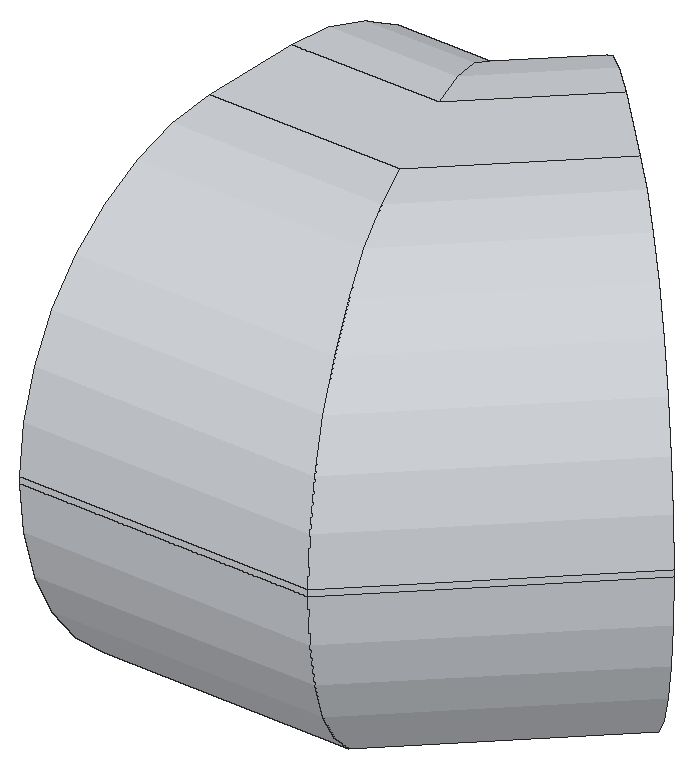
Revit family "759bd72b23b449a0812fe2757d9c6ae4", category Duct Fittings, Revit 2021
Family settings
  Round Connector Dimension = Use Diameter
  Part Type = Elbow
  OmniClass Number = 23.75.70.14
  OmniClass Title = Air Ductwork
  Seek Item ID = Oval Elbow - Mitered-0000-USA-ENU
  Work Plane-Based = No
  Always vertical = Yes
  Cut with Voids When Loaded = No
  Shared = No
Parameters (values of type "Standard")
  Shoulder Length [instance] = 1"
  Length 3 [instance] = Length 1 * sin(Angle)  # 2.46447"
  Length 2 [instance] = Length 1 * cos(Angle) + Length 1  # 5.94975"
  Length 1 [instance] = tan(Angle / 2) * Duct Width / 2 + Shoulder Length  # 3.48528"
  Duct Width [instance] = 12"
  Duct Height [instance] = 10"
  Default Elevation = 0' - 0"
  Angle [instance] = 45.00°
Reference planes (in)
  plane 1 "Center (Front/Back)": y = 0
  plane 2: z = 0
  plane 3 "Center (Left/Right)": x = 0
  plane 4: x = -3.4852814
  plane 5: x = 2.4644661
  plane 6: y = 2.4644661
Forms (in)
  Sweep 1, solid, detail levels medium+fine
    path in 3D
      loop
        line (-3.4852814, 0, 0) -> (0, 0, 0) -> (2.4644661, 2.4644661, 0)
    profile "Duct - Oval : Duct - Oval" origin (-1.7426407, 0, 0) x (0, 1, 0) y (0, 0, 1)
      loop
        line (-6, 0.0625) -> (-6, -0.0625)
        arc (-6, -0.0625) -> (-4.5538397, -3.5538397) -> (-1.0625, -5) r 4.9375
        line (-1.0625, -5) -> (1.0625, -5)
        arc (1.0625, -5) -> (4.5538397, -3.5538397) -> (6, -0.0625) r 4.9375
        line (6, -0.0625) -> (6, 0.0625)
        arc (6, 0.0625) -> (4.5538397, 3.5538397) -> (1.0625, 5) r 4.9375
        line (1.0625, 5) -> (-1.0625, 5)
        arc (-1.0625, 5) -> (-4.5538397, 3.5538397) -> (-6, 0.0625) r 4.9375
Lines and regions (in)
  model lines, detail levels coarse
    curve 1: line (-3.4852814, 0, 0) -> (0, 0, 0)
    curve 2: line (0, 0, 0) -> (2.4644661, 2.4644661, 0)
  sketch lines
    curve 3: line (-3.4852814, 0, 0) -> (0, 0, 0)
    curve 4: line (0, 0, 0) -> (2.4644661, 2.4644661, 0)
Dimensions and locks (in)
  "Length 1": plane 4 to plane 3 "Center (Left/Right)"
  "Length 2": plane 4 to plane 5
  "Length 3": plane 1 "Center (Front/Back)" to plane 6
  "Length 1": curve 2 to curve 2
  "Angle": angle plane 1 "Center (Front/Back)" to curve 2
  aligned and locked: plane 1 "Center (Front/Back)" to curve 1
  aligned and locked: plane 4 to curve 1
  aligned and locked: plane 6 to curve 2
  aligned and locked: plane 5 to curve 2
Connectors (in)
  hvac at (-3.4852814, 0, 0), driven by "Duct Height", driven by "Duct Width", driven by "Angle"
    settings: on Sweep 1, index 1, duct flow 0 CFM, flow factor 0, pres drop 0.00 in-wg, loss coef 0, conn angle 45.00°, conn width 12", conn height 10", conn diameter 24", duct sys type 28, conn prof type 2, flow config 0, flow direction 0, loss method 0, conn ref index 2, conn util no, is conn primary yes, conn desc ""
  hvac at (2.4644661, 2.4644661, 0), driven by "Duct Height", driven by "Duct Width", driven by "Angle"
    settings: on Sweep 1, index 2, duct flow 0 CFM, flow factor 0, pres drop 0.00 in-wg, loss coef 0, conn angle 45.00°, conn width 12", conn height 10", conn diameter 24", duct sys type 28, conn prof type 2, flow config 0, flow direction 0, loss method 0, conn ref index 1, conn util no, is conn primary no, conn desc ""
